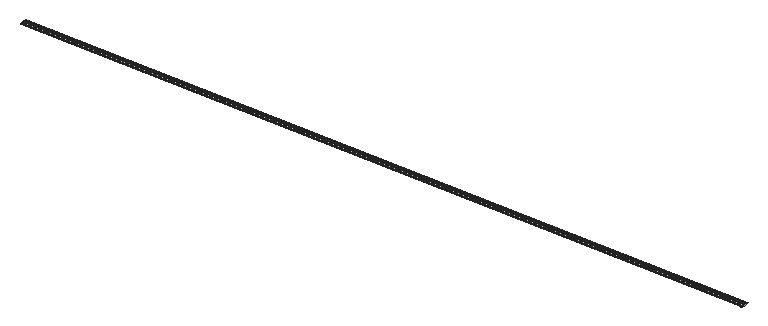
Revit family "RT150", category Generic Models, Revit 2020
Family settings
  Can host rebar = No
  Round Connector Dimension = Use Diameter
  Part Type = Normal
  Work Plane-Based = Yes
  Always vertical = No
  Cut with Voids When Loaded = No
  Shared = No
  Room Calculation Point = No
Parameters (values of type "NBS Standard Parameters")
  Weight = "12.2kg"
  WarrantyStartDate [instance] = ""
  WarrantyGuarantorParts = "12 Months"
  WarrantyGuarantorLabor = "n/a"
  WarrantyDurationUnit = "12 Months"
  WarrantyDurationParts = "n/a"
  WarrantyDurationLabor = "n/a"
  WarrantyDescription = "n/a"
  Version = "1"
  Uniclass2 = "Pr_65_70_11_17"
  URL = "www.metpro.co.uk"
  TagNumber [instance] = "n/a"
  SustainabilityPerformance = ""
  Size = "150mm"
  Shape = "Flat"
  SerialNumber [instance] = "n/a"
  Revision = "n/a"
  ReplacementCost = "n/a"
  ProductInformation = "www.metpro.co.uk/pdf/RT150.pdf"
  NominalWidth = 150 mm
  NominalLength = 15000 mm
  NominalHeight = 3.9 mm
  Name = "RT150 - Rollatray"
  NBSTypeID = ""
  NBSReference = "90-55-10/335"
  NBSOfficeMasterTag = ""
  NBSNote = ""
  NBSDescription = "Cable Tray"
  NBSCertification = ""
  ModelReference = "Cable Tray"
  ModelNumber = "RT150"
  Material = "Steel"
  ManufacturerURL = "www.metpro.co.uk"
  ManufacturerName = "Metpro ltd"
  Manufacturer = "Metpro Ltd"
  Keynote = ""
  InstallationDate [instance] = ""
  IfcExportType = ""
  IfcExportAs = ""
  Grade = "n/a"
  Finish = "Pre-Galvanised, dry oil to touch"
  Features = "n/a"
  ExpectedLife = "n/a"
  DurationUnit = "1 Year"
  Description = "RT150 - 150mm Rollatray"
  Default Elevation = 1219.2 mm
  Constituents = "n/a"
  Color = "Grey"
  CodePerformance = "n/a"
  Category = "n/a"
  BarCode [instance] = "n/a"
  BIMObjectName = "Metpro_Metprolibrary_Cabletray_General"
  Author = "Metpro"
  AssetType = ""
  AssetIdentifier [instance] = "n/a"
  AccessibilityPerformance = "n/a"
Reference planes
  plane 1 "Center (Front/Back)": y = 0
  plane 2: z = -49.367
  plane 3 "Center (Left/Right)": x = 0
Forms (mm)
  Extrusion 1, solid
    sketch origin (-3.322, 99.234, -24.021) x (0, 0, 1) y (0, 1, 0)
      loop
        line (27.321, 90.524) -> (27.321, -59.476) -> (28.321, -59.476) -> (28.321, -23.476) -> (31.221, -23.476) -> (31.221, -5.476) -> (28.321, -5.476) -> (28.321, 36.524) -> (31.221, 36.524) -> (31.221, 54.524) -> (28.321, 54.524) -> (28.321, 90.524) -> (27.321, 90.524)
    from -378.785 to 14621.215
Dimensions and locks
  aligned and locked: level to plane 2
